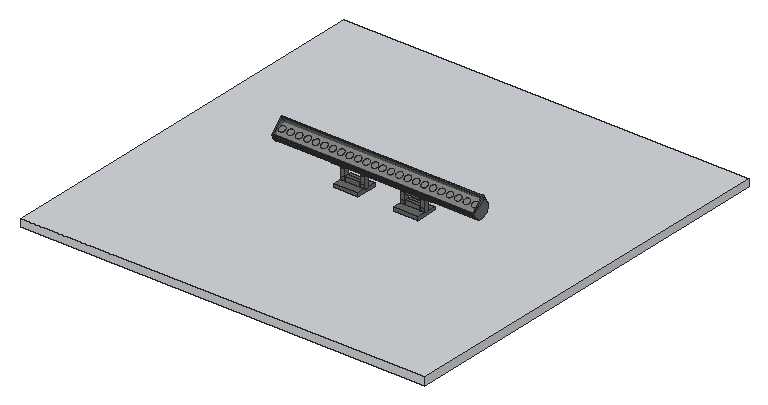
Revit family "INT-4", category Lighting Fixtures, host Face, Revit 2014
Parameters (values of type "INT")
  zz Angle = if(Angle Tilt < 0.5°, 0.5°, if(Angle Tilt > 89.5°, 89.5°, Angle Tilt))  # 60°
  Wings = Paint - Hubbell - Light Silver
  Width = 3.875"
  Watts = 15 W
  Wattage Comments = "15W"
  Warranty = "5 years Warranty"  # constant formula
  Voltage = 120 V
  URL = "https://www.hubbell.com/kimlighting/en/"
  Reflector Finish = Hubbell - White Glass
  Product White URL = "https://www.hubbell.com/kimlighting/en/p/6139252"
  Product RGWB URL = "https://www.hubbell.com/kimlighting/en/p/6139254"
  Product Family URL = "https://www.hubbell.com/kimlighting/en/p/6139241"
  Power Factor = 1
  Mounting = Paint - Hubbell - Light Silver
  Model = "INT-4"  # constant formula
  Manufacturer = "Kim Lighting"  # constant formula
  Load Classification = Lighting
  Length = 48.000"
  Lamp = "LED"  # constant formula
  Housing Material = Paint - Hubbell - Basic Black Textured
  Glass = Hubbell - Glass
  Fixture distribution = "Direct"  # constant formula
  Mounting Height = 4.000"
  Features = "Architectural linear product for wall and ground mounting\r\napplications such as sign lighting, wall washing, wall grazing, and\r\nbuilding accent lighting\r\n• IP66 rated product with linear run capabilities\r\n• Lumen range from 657 to 3,271 lm"  # constant formula
  Description = "Intent"  # constant formula
  Default Elevation = 48.000"
  Copyright = " ©2020 Kim Lighting, a division of Hubbell Lighting, Inc"  # constant formula
  Contact = "https://www.hubbell.com/kimlighting/en/contactUs"
  Connector Description = "Lighting Connector"  # constant formula
  Assembly Code = "D5020200"
  Apparent Load = Watts / Power Factor  # 15 VA
  Angle Tilt = 60°
Reference planes (in)
  plane 1 "Center (Front/Back)": y = 0
  plane 2: z = 0.5561
  plane 3 "Center (Left/Right)": x = 0
  plane 4: z = -5.92028
  plane 5: z = 4.5561
  plane 6: y = 2.5249
  plane 7: y = -2.5249
  plane 8: y = -1.9375
  plane 9: y = 1.9375
  plane 10: z = 16.60335
  plane 11: x = -24
  plane 12: x = 24
  plane 13: x = -20
  plane 14: x = 20
  plane 15: x = -2.9
  plane 16: x = 2.9
  plane 17: z = 1.3061
  plane 18: z = 3.5561
  plane 19: x = -10
  plane 20: x = 10
Forms (in)
  Extrusion 1, solid
    sketch origin (0, 0, 0) x (1, 0, 0) y (0, 1, 0)
      loop
        line (-48, 48) -> (-48, -48) -> (48, -48) -> (48, 48) -> (-48, 48)
    from 0.5561 to -1.25
  Extrusion 2, solid, material "Paint - Hubbell - Basic Black Textured" <- "Housing Material"
    sketch origin (7.125, 0, 0) x (1, 0, 0) y (0, 1, 0)
      loop
        line (-2.9, 2.5249) -> (-2.9, -2.5249) -> (2.9, -2.5249) -> (2.9, 2.5249) -> (-2.9, 2.5249)
    from 0.5561 to 1.3061
  Extrusion 3, solid, material "Paint - Hubbell - Basic Black Textured" <- "Housing Material"
    sketch origin (-2.0653, -0.03381, -5.03125) x (0, 1, 0) y (0, 0, -1)
      loop
        arc (0.41381, -7.14661) -> (0.03381, -6.27166) -> (-0.3462, -7.14661) r 0.52
        line (-0.3462, -7.14661) -> (-0.3462, -8.95669)
        arc (-0.3462, -8.95669) -> (0.03381, -9.83164) -> (0.41381, -8.95669) r 0.52
        line (0.41381, -8.95669) -> (0.41381, -7.14661)
    from -7.25042 to -6.2903
  Extrusion 4, solid, material "Paint - Hubbell - Basic Black Textured" <- "Housing Material"
    sketch origin (-1.93027, -0.03381, 10.9339) x (0, 1, 0) y (-1, 0, 0)
      loop
        arc (0.41381, -7.36435) -> (0.30251, -7.09565) -> (0.03381, -6.98435) r 0.38001
        arc (0.03381, -6.98435) -> (-0.2349, -7.09565) -> (-0.3462, -7.36435) r 0.38001
        line (-0.3462, -7.36435) -> (-0.3462, -10.67608)
        arc (-0.3462, -10.67608) -> (-0.2349, -10.94478) -> (0.03381, -11.05608) r 0.38001
        arc (0.03381, -11.05608) -> (0.30251, -10.94478) -> (0.41381, -10.67608) r 0.38001
        line (0.41381, -10.67608) -> (0.41381, -7.36435)
    from -7.3778 to -6.3778
  Extrusion 5, solid, material "Paint - Hubbell - Basic Black Textured" <- "Housing Material"
    sketch origin (-1.93027, -0.03381, 7.0589) x (0, 1, 0) y (-1, 0, 0)
      loop
        arc (0.41381, -7.40383) -> (0.30251, -7.13513) -> (0.03381, -7.02382) r 0.38001
        arc (0.03381, -7.02382) -> (-0.2349, -7.13513) -> (-0.3462, -7.40383) r 0.38001
        line (-0.3462, -7.40383) -> (-0.3462, -10.69582)
        arc (-0.3462, -10.69582) -> (-0.2349, -10.96452) -> (0.03381, -11.07582) r 0.38001
        arc (0.03381, -11.07582) -> (0.30251, -10.96452) -> (0.41381, -10.69582) r 0.38001
        line (0.41381, -10.69582) -> (0.41381, -7.40383)
    from -5.7528 to -4.7528
  Extrusion 6, solid, material "Paint - Hubbell - Basic Black Textured" <- "Housing Material"
    sketch origin (16.3153, -0.03381, -5.03125) x (0, 1, 0) y (0, 0, 1)
      loop
        line (0.41381, 7.14661) -> (0.41381, 8.95669)
        arc (0.41381, 8.95669) -> (0.03381, 9.83164) -> (-0.3462, 8.95669) r 0.52
        line (-0.3462, 8.95669) -> (-0.3462, 7.14661)
        arc (-0.3462, 7.14661) -> (0.03381, 6.27166) -> (0.41381, 7.14661) r 0.52
    from -7.24157 to -6.2903
  Extrusion 7, solid, material "Paint - Hubbell - Basic Black Textured" <- "Housing Material"
    sketch origin (-7.125, 0, 0) x (-1, 0, 0) y (0, -1, 0)
      loop
        line (-2.9, -2.5249) -> (2.9, -2.5249) -> (2.9, 2.5249) -> (-2.9, 2.5249) -> (-2.9, -2.5249)
    from 0.5561 to 1.3061
  Extrusion 8, solid, material "Paint - Hubbell - Basic Black Textured" <- "Housing Material"
    sketch origin (2.0653, -0.03381, -5.03125) x (0, 1, 0) y (0, 0, 1)
      loop
        line (0.41381, 7.14661) -> (0.41381, 8.95669)
        arc (0.41381, 8.95669) -> (0.03381, 9.83164) -> (-0.3462, 8.95669) r 0.52
        line (-0.3462, 8.95669) -> (-0.3462, 7.14661)
        arc (-0.3462, 7.14661) -> (0.03381, 6.27166) -> (0.41381, 7.14661) r 0.52
    from -7.25042 to -6.2903
  Extrusion 9, solid, material "Paint - Hubbell - Basic Black Textured" <- "Housing Material"
    sketch origin (1.93027, -0.03381, 10.9339) x (0, 1, 0) y (-1, 0, 0)
      loop
        line (0.41381, 7.36435) -> (0.41381, 10.67608)
        arc (0.41381, 10.67608) -> (0.30251, 10.94478) -> (0.03381, 11.05608) r 0.38001
        arc (0.03381, 11.05608) -> (-0.2349, 10.94478) -> (-0.3462, 10.67608) r 0.38001
        line (-0.3462, 10.67608) -> (-0.3462, 7.36435)
        arc (-0.3462, 7.36435) -> (-0.2349, 7.09565) -> (0.03381, 6.98435) r 0.38001
        arc (0.03381, 6.98435) -> (0.30251, 7.09565) -> (0.41381, 7.36435) r 0.38001
    from -5.3778 to -4.3778
  Extrusion 10, solid, material "Paint - Hubbell - Basic Black Textured" <- "Housing Material"
    sketch origin (1.93027, -0.03381, 7.0589) x (0, 1, 0) y (-1, 0, 0)
      loop
        line (0.41381, 7.40383) -> (0.41381, 10.69582)
        arc (0.41381, 10.69582) -> (0.30251, 10.96452) -> (0.03381, 11.07582) r 0.38001
        arc (0.03381, 11.07582) -> (-0.2349, 10.96452) -> (-0.3462, 10.69582) r 0.38001
        line (-0.3462, 10.69582) -> (-0.3462, 7.40383)
        arc (-0.3462, 7.40383) -> (-0.2349, 7.13513) -> (0.03381, 7.02382) r 0.38001
        arc (0.03381, 7.02382) -> (0.30251, 7.13513) -> (0.41381, 7.40383) r 0.38001
    from -5.7528 to -4.7528
  Extrusion 11, solid, material "Paint - Hubbell - Basic Black Textured" <- "Housing Material"
    sketch origin (-16.3153, -0.03381, -5.03125) x (0, 1, 0) y (0, 0, -1)
      loop
        arc (0.41381, -7.14661) -> (0.03381, -6.27166) -> (-0.3462, -7.14661) r 0.52
        line (-0.3462, -7.14661) -> (-0.3462, -8.95669)
        arc (-0.3462, -8.95669) -> (0.03381, -9.83164) -> (0.41381, -8.95669) r 0.52
        line (0.41381, -8.95669) -> (0.41381, -7.14661)
    from -7.24157 to -6.2903
Dimensions and locks (in)
  plane 2 to plane 4 = 6.47638"
  "Mounting Height": plane 5 to Extrusion 1
  equal spacing: plane 7, plane 1 "Center (Front/Back)", plane 6
  plane 7 to plane 6 = 5.0498"
  "Width": plane 9 to plane 8
  equal spacing: plane 9, plane 1 "Center (Front/Back)", plane 8
  equal spacing: plane 12, plane 3 "Center (Left/Right)", plane 11
  "Length": plane 12 to plane 11
  locked: plane 13 to plane 11 at 4
  locked: plane 12 to plane 14 at 4
  plane 6 to plane 7 = 5.0498"
  locked: plane 5 to plane 18 at 1
  "zz Angle": angle plane 5 to nested 1
  aligned and locked: plane 2 to Extrusion 1
  aligned and locked: nested 1 to plane 5
  aligned and locked: Extrusion 4 to plane 18
  aligned and locked: Extrusion 4 to plane 5
Automatic sketch dimensions
  Extrusion 1 sketch curve to Extrusion 1 sketch curve = 96.000"  (x2)
  plane 7 to Extrusion 2 sketch curve = 0.000"
  plane 6 to Extrusion 2 sketch curve = 0.000"
  plane 16 to Extrusion 2 sketch curve = 1.325"
  plane 20 to Extrusion 2 sketch curve = 0.025"
  Extrusion 3 sketch curve to plane 1 "Center (Front/Back)" = 0.000"  (x2)
  plane 1 "Center (Front/Back)" to Extrusion 3 sketch curve = 0.38001"
  Extrusion 3 sketch curve to plane 1 "Center (Front/Back)" = 0.38001"
  plane 5 to Extrusion 3 sketch curve = 0.27571"
  plane 18 to Extrusion 3 sketch curve = 0.36933"
  Extrusion 3 sketch curve to plane 17 = 0.80926"
  Extrusion 3 sketch curve to plane 17 = 0.45431"
  Extrusion 4 sketch curve to Extrusion 4 sketch curve = 0.000"  (x4)
  plane 1 "Center (Front/Back)" to Extrusion 4 sketch curve = 0.000"
  Extrusion 4 sketch curve to Extrusion 4 sketch curve = 0.38001"
  Extrusion 4 sketch curve to plane 20 = 1.25419"
  plane 16 to Extrusion 4 sketch curve = 2.53409"
  Extrusion 5 sketch curve to Extrusion 5 sketch curve = 0.000"  (x4)
  plane 1 "Center (Front/Back)" to Extrusion 5 sketch curve = 0.000"
  Extrusion 5 sketch curve to Extrusion 5 sketch curve = 0.38001"
  Extrusion 5 sketch curve to plane 20 = 1.23445"
  plane 16 to Extrusion 5 sketch curve = 2.57356"
  Extrusion 6 sketch curve to plane 1 "Center (Front/Back)" = 0.000"  (x2)
  plane 1 "Center (Front/Back)" to Extrusion 6 sketch curve = 0.38001"
  Extrusion 6 sketch curve to plane 1 "Center (Front/Back)" = 0.38001"
  Extrusion 6 sketch curve to plane 17 = 0.45431"
  Extrusion 6 sketch curve to Extrusion 6 sketch curve = 0.35496"
  plane 18 to Extrusion 6 sketch curve = 0.36933"
  plane 5 to Extrusion 6 sketch curve = 0.27571"
  plane 7 to Extrusion 7 sketch curve = 0.000"
  plane 6 to Extrusion 7 sketch curve = 0.000"
  plane 15 to Extrusion 7 sketch curve = 1.325"
  plane 19 to Extrusion 7 sketch curve = 0.025"
  Extrusion 8 sketch curve to plane 1 "Center (Front/Back)" = 0.000"  (x2)
  plane 1 "Center (Front/Back)" to Extrusion 8 sketch curve = 0.38001"
  Extrusion 8 sketch curve to plane 1 "Center (Front/Back)" = 0.38001"
  Extrusion 8 sketch curve to plane 17 = 0.45431"
  Extrusion 8 sketch curve to Extrusion 8 sketch curve = 0.35496"
  plane 18 to Extrusion 8 sketch curve = 0.36933"
  plane 5 to Extrusion 8 sketch curve = 0.27571"
  Extrusion 9 sketch curve to Extrusion 9 sketch curve = 0.000"  (x4)
  plane 1 "Center (Front/Back)" to Extrusion 9 sketch curve = 0.000"
  Extrusion 9 sketch curve to Extrusion 9 sketch curve = 0.38001"
  Extrusion 9 sketch curve to plane 15 = 2.53409"
  plane 19 to Extrusion 9 sketch curve = 1.25419"
  Extrusion 10 sketch curve to Extrusion 10 sketch curve = 0.000"  (x4)
  plane 1 "Center (Front/Back)" to Extrusion 10 sketch curve = 0.000"
  Extrusion 10 sketch curve to Extrusion 10 sketch curve = 0.38001"
  Extrusion 10 sketch curve to plane 15 = 2.57356"
  plane 19 to Extrusion 10 sketch curve = 1.23445"
  Extrusion 11 sketch curve to plane 1 "Center (Front/Back)" = 0.000"  (x2)
  plane 1 "Center (Front/Back)" to Extrusion 11 sketch curve = 0.38001"
  Extrusion 11 sketch curve to plane 1 "Center (Front/Back)" = 0.38001"
  plane 5 to Extrusion 11 sketch curve = 0.27571"
  plane 18 to Extrusion 11 sketch curve = 0.36933"
  Extrusion 11 sketch curve to plane 17 = 0.80926"
  Extrusion 11 sketch curve to plane 17 = 0.45431"
Nested families (in)
  nested 1: "Family2" at (1.10236, 0.3203, 4.5561) x (0, -0.5, 0.866) z (-1, 0, 0), type "Family2"
Connectors (in)
  electrical at (7.125, 0, 0.5561), driven by "Voltage", driven by "Apparent Load", driven by "Power Factor", driven by "Connector Description"
    settings: on Extrusion 2, index 1, voltage 120 V, apparent load 15 VA, apparent load phase1 0 VA, apparent load phase2 0 VA, apparent load phase3 0 VA, power factor 1, load classification "Other", number of poles 1, system type 30, power factor state 1, is connector primary yes, connector utility no, sub classification motor no, connector description "Lighting Connector"
Definition of nested family "Family2"
  Parameters (values of type "Family2")
    Wattage = 25 W
    built-in parameter 1150110 = 1 (stored number, unit not read)
    built-in parameter 1114217 = 1 (stored number, unit not read)
    Tilt Angle = 60°
    built-in parameter 1150109 = 1 (stored number, unit not read)
    built-in parameter 1150134 = 3
    built-in parameter 1150113 = 1 (stored number, unit not read)
    Photometric Web File = "INT-2-24L-30-3K7-WG.ies"
    built-in parameter 1150105 = 295.51 (stored number, unit not read)
    Lumens = 3713.55 lm
    built-in parameter 1150115 = 1 (stored number, unit not read)
    built-in parameter 1150137 = (empty or 0)
    built-in parameter 1150139 = (empty or 0)
    built-in parameter 1150112 = 1 (stored number, unit not read)
    built-in parameter 1150114 = 1 (stored number, unit not read)
    built-in parameter 1150132 = (empty or 0)
    built-in parameter 1150102 = (empty or 0)
    built-in parameter 1150107 = 3200 (stored number, unit not read)
    built-in parameter 1150138 = (empty or 0)
    built-in parameter 1150106 = 2.9551 (stored number, unit not read)
    Housing = Paint - Hubbell - Basic Black Textured
    Glass = Hubbell - Glass
    built-in parameter 1150104 = 13.8 (stored number, unit not read)
    Dimming Lamp Color Temperature Shift = (empty or 0)
    Default Elevation = 48.000"
    Color Filter = 16777215
    built-in parameter 1114218 = 1 (stored number, unit not read)
    built-in parameter 1150133 = 10 (stored number, unit not read)
  Reference planes (in)
    plane 1 "Center (Front/Back)": y = 0
    plane 2: z = 0
    plane 3 "Center (Left/Right)": x = 0
    plane 4: z = 25.1
    plane 5: z = -22.9
  Forms (in)
    Extrusion 1, solid
      sketch origin (0, 0, 0) x (1, 0, 0) y (0, 1, 0)
        loop
          line (-48, 48) -> (-48, -48) -> (48, -48) -> (48, 48) -> (-48, 48)
      from 0 to -12
    Extrusion 2, solid, material "Paint - Hubbell - Basic Black Textured" <- "Housing"
      sketch origin (-11.61927, -0.13326, 1.10236) x (0.008677, -0.999962, 0) y (0.999962, 0.008677, 0)
        loop
          line (-1.9375, 16.60335) -> (-1.9375, 14.58076)
          arc (-1.9375, 14.58076) -> (0.00667, 12.63658) -> (1.95085, 14.58076) r 1.94417
          line (1.95085, 14.58076) -> (1.95085, 14.78758)
          arc (1.95085, 14.78758) -> (1.89614, 14.83995) -> (1.95085, 14.89233) r 0.05243
          line (1.95085, 14.89233) -> (1.95085, 14.94535)
          arc (1.95085, 14.94535) -> (1.89751, 14.99776) -> (1.95085, 15.05018) r 0.05243
          line (1.95085, 15.05018) -> (1.95085, 15.10316)
          arc (1.95085, 15.10316) -> (1.89888, 15.15558) -> (1.95085, 15.208) r 0.05243
          line (1.95085, 15.208) -> (1.95085, 15.65069) -> (1.73341, 15.70895) -> (1.73341, 15.52932) -> (-1.73341, 15.52932) -> (-1.73341, 16.56736) -> (-1.9375, 16.60335)
      from -24.00236 to 23.99764
    Extrusion 3, solid, material "Paint - Hubbell - Basic Black Textured" <- "Housing"
      sketch origin (-11.61927, -0.13326, 1.10236) x (0.008677, -0.999962, 0) y (0.999962, 0.008677, 0)
        loop
          line (-1.9375, 16.60335) -> (-1.9375, 14.58076)
          arc (-1.9375, 14.58076) -> (0.00667, 12.63658) -> (1.95085, 14.58076) r 1.94417
          line (1.95085, 14.58076) -> (1.95085, 14.78758)
          arc (1.95085, 14.78758) -> (1.89614, 14.83955) -> (1.95005, 14.89236) r 0.05243
          line (1.95005, 14.89236) -> (1.95051, 14.94534)
          arc (1.95051, 14.94534) -> (1.89751, 14.99793) -> (1.95085, 15.05018) r 0.05243
          line (1.95085, 15.05018) -> (1.95085, 15.10316)
          arc (1.95085, 15.10316) -> (1.89888, 15.15558) -> (1.95085, 15.208) r 0.05243
          line (1.95085, 15.208) -> (1.95085, 15.65069) -> (-1.9375, 16.60335)
      from 23.81836 to 23.99764
    Extrusion 4, solid, material "Paint - Hubbell - Basic Black Textured" <- "Housing"
      sketch origin (-11.61927, -0.13326, 1.10236) x (-0.999962, -0.008677, 0) y (0.008677, -0.999962, 0)
        loop
          line (-16.60335, -1.9375) -> (-14.58076, -1.9375)
          arc (-14.58076, -1.9375) -> (-12.63658, 0.00667) -> (-14.58076, 1.95085) r 1.94417
          line (-14.58076, 1.95085) -> (-14.78758, 1.95085)
          arc (-14.78758, 1.95085) -> (-14.83995, 1.89614) -> (-14.89233, 1.95085) r 0.05243
          line (-14.89233, 1.95085) -> (-14.94535, 1.95085)
          arc (-14.94535, 1.95085) -> (-14.99776, 1.89751) -> (-15.05018, 1.95085) r 0.05243
          line (-15.05018, 1.95085) -> (-15.10316, 1.95085)
          arc (-15.10316, 1.95085) -> (-15.15558, 1.89888) -> (-15.208, 1.95085) r 0.05243
          line (-15.208, 1.95085) -> (-15.65069, 1.95085) -> (-16.60335, -1.9375)
      from 23.81836 to 23.99764
    Extrusion 5, solid, material "Hubbell - Glass" <- "Glass"
      sketch origin (-11.61927, -0.13326, 1.10236) x (0, 0, 1) y (0.008677, -0.999962, 0)
        loop
          line (23.81836, 1.95085) -> (-23.78944, 1.95085) -> (-23.78944, -1.76075) -> (23.81836, -1.76075) -> (23.81836, 1.95085)
      from 15.55834 to 15.65508
    Extrusion 6, solid, material "Paint - Hubbell - Basic Black Textured" <- "Housing"
      sketch origin (-12.05675, -0.13706, 1.10236) x (0.008677, -0.999962, 0) y (0.999962, 0.008677, 0)
        loop
          line (-1.28244, 13.69502) -> (-1.28244, 13.00042)
          arc (-1.28244, 13.00042) -> (-0.03244, 12.05749) -> (1.21756, 13.00042) r 1.3
          line (1.21756, 13.00042) -> (1.21756, 13.69502) -> (-1.28244, 13.69502)
      from -12.09895 to 11.64764
    Extrusion 7, solid, material "Hubbell - Glass" <- "Glass"
      sketch origin (-11.61927, -0.13326, 1.10236) x (0, 0, 1) y (0.008677, -0.999962, 0)
        loop
          circle (0.79311, 0) r 0.75
        loop
          circle (2.79311, 0) r 0.75
        loop
          circle (4.79311, 0) r 0.75
        loop
          circle (6.79311, 0) r 0.75
        loop
          circle (8.79311, 0) r 0.75
        loop
          circle (10.79311, 0) r 0.75
        loop
          circle (12.79311, 0) r 0.75
        loop
          circle (14.79311, 0) r 0.75
        loop
          circle (16.79311, 0) r 0.75
        loop
          circle (18.79311, 0) r 0.75
        loop
          circle (20.79311, 0) r 0.75
        loop
          circle (22.79311, 0) r 0.75
        loop
          circle (-0.99784, 0) r 0.75
        loop
          circle (-2.99784, 0) r 0.75
        loop
          circle (-4.99784, 0) r 0.75
        loop
          circle (-6.99784, 0) r 0.75
        loop
          circle (-8.99784, 0) r 0.75
        loop
          circle (-10.99784, 0) r 0.75
        loop
          circle (-12.99784, 0) r 0.75
        loop
          circle (-14.99784, 0) r 0.75
        loop
          circle (-16.99784, 0) r 0.75
        loop
          circle (-18.99784, 0) r 0.75
        loop
          circle (-20.99784, 0) r 0.75
        loop
          circle (-22.99784, 0) r 0.75
      from 15.55834 to 15.65508
    Extrusion 8, solid, material "Paint - Hubbell - Basic Black Textured" <- "Housing"
      sketch origin (-11.61927, -0.13326, -22.71014) x (0.008677, -0.999962, 0) y (0.999962, 0.008677, 0)
        loop
          line (-1.9375, 16.60335) -> (-1.9375, 14.58076)
          arc (-1.9375, 14.58076) -> (0.00667, 12.63658) -> (1.95085, 14.58076) r 1.94417
          line (1.95085, 14.58076) -> (1.95085, 14.78758)
          arc (1.95085, 14.78758) -> (1.89614, 14.83995) -> (1.95085, 14.89233) r 0.05243
          line (1.95085, 14.89233) -> (1.95085, 14.94535)
          arc (1.95085, 14.94535) -> (1.89751, 14.99776) -> (1.95085, 15.05018) r 0.05243
          line (1.95085, 15.05018) -> (1.95085, 15.10316)
          arc (1.95085, 15.10316) -> (1.89888, 15.15558) -> (1.95085, 15.208) r 0.05243
          line (1.95085, 15.208) -> (1.95085, 15.65069) -> (-1.9375, 16.60335)
      from -0.18986 to 0.02306
    Extrusion 9, void
      sketch origin (0, 0.3125, 0) x (0, 1, 0) y (0, 0, 1)
        loop
          circle (-1.38482, 1.10236) r 0.125
        loop
          circle (-1.38482, 9.97736) r 0.125
        loop
          circle (-1.38482, -8.02264) r 0.125
        loop
          circle (0.80743, 1.10236) r 0.125
        loop
          circle (0.80743, 9.97736) r 0.125
        loop
          circle (0.80743, -8.02264) r 0.125
      from -0.15201 to 1.38325
  Cuts and joins
    Extrusion 9 cuts Extrusion 2
    Extrusion 9 cuts Extrusion 5
    Extrusion 9 cuts Extrusion 6
  Lines and regions (in)
    reference lines
      curve 1: line (0, 0, 1.10236) -> (6.25, 0, 1.10236)
      curve 2: line (0, 0, 102.71882) -> (0, 0, -24)
  Dimensions and locks (in)
    curve 2 to cut or joined group of Extrusion 6, Extrusion 9 = 1.38325"
    plane 4 to plane 2 to plane 5 = 25.100", 22.900"
    aligned and locked: plane 2 to Extrusion 1
    aligned and locked: level to Extrusion 1
    aligned and locked: Extrusion 3 to Extrusion 2
